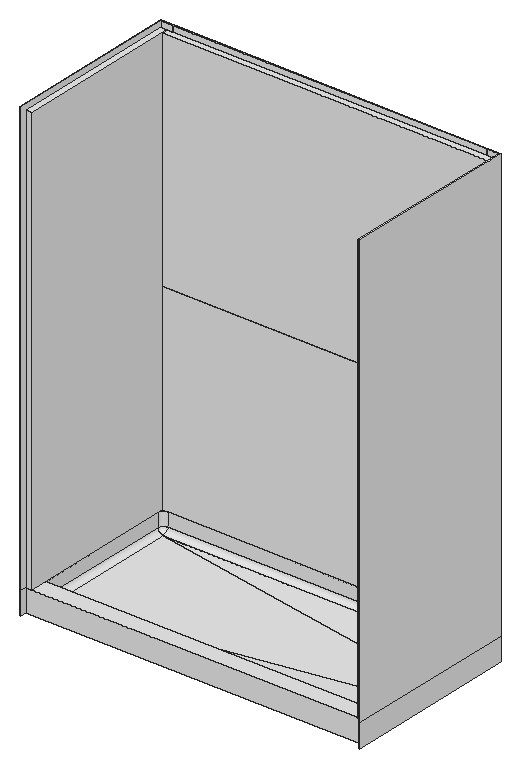
Revit family "5LBS6030FBSQ.V2 L-R", category Plumbing Fixtures, Revit 2019
Family settings
  Round Connector Dimension = Use Diameter
  Part Type = Normal
  OmniClass Number = 23.45.05.14.17
  OmniClass Title = Showers
  Work Plane-Based = No
  Always vertical = Yes
  Cut with Voids When Loaded = No
  Shared = No
  Room Calculation Point = No
Parameters (values of type "5LBS6030FBSQ.V2 L/R")
  Unit Width = 60"
  Unit Height = 80 1/2"
  Unit Depth = 31"
  URL = "http://www.bestbath.com/"
  Type Comments = "Remodeler"
  Model = "5LBS6030FBSQ.V2 L/R"
  Material [instance] = Best Bath Gelcoat Fiberglass - 4 x 8 Subway Tile
  Manufacturer = "Best Bath Systems, Inc."
  Keynote = "22 40 00.B3"
  Description = "4 x 8 Subway Tile Finish"
  Assembly Code = "D2010710"
Reference planes (in)
  plane 1 "Back": y = -0.5
  plane 2: z = 0
  plane 3 "Left": x = 0
  plane 4: x = 60
  plane 5: y = -30.5
  plane 6: z = 79.5
  plane 7: z = 0.75
  plane 8: z = 80.5
  plane 9: x = 51.5
  plane 10: y = -1.75
  plane 11: y = -14.5
  plane 12: z = 0.375
  plane 13: z = 4
  plane 14: z = 39.5
  plane 15: y = -31.5
Forms (in)
  Extrusion 1, solid, material "Best Bath Gelcoat Fiberglass - Smooth"
    sketch origin (0, 0, 0) x (1, 0, 0) y (0, 1, 0)
      loop
        line (0, -0.5) -> (0, -30.5) -> (60, -30.5) -> (60, -0.5) -> (0, -0.5)
      loop
        line (49, -10.5) -> (49, -18.5) -> (54, -18.5) -> (54, -10.5) -> (49, -10.5)
    from 0 to 0.75
  Extrusion 2, solid, material "Best Bath Gelcoat Fiberglass - Smooth"
    sketch origin (0, 0, 0) x (1, 0, 0) y (0, 1, 0)
      loop
        line (1.25, -0.5) -> (1.25, -1.75) -> (58.75, -1.75) -> (58.75, -0.5) -> (1.25, -0.5)
    from 4 to 39.5
  Extrusion 3, solid, material "Best Bath Gelcoat Fiberglass - Smooth"
    sketch origin (0, 0, 0) x (1, 0, 0) y (0, 1, 0)
      loop
        line (0, -30.5) -> (1.25, -30.5) -> (1.25, -2.75)
        arc (1.25, -2.75) -> (1.54289, -2.04289) -> (2.25, -1.75) r 1
        line (2.25, -1.75) -> (57.75, -1.75)
        arc (57.75, -1.75) -> (58.45711, -2.04289) -> (58.75, -2.75) r 1
        line (58.75, -2.75) -> (58.75, -30.5) -> (60, -30.5) -> (60, -0.5) -> (0, -0.5) -> (0, -30.5)
    from 0 to 4
  Extrusion 4, solid, material "Best Bath Gelcoat Fiberglass - Smooth"
    sketch origin (0, 0, 0) x (1, 0, 0) y (0, 1, 0)
      loop
        line (0, -30.5) -> (1.25, -30.5) -> (1.25, -0.5) -> (0, -0.5) -> (0, -30.5)
      loop
        line (58.75, -30.5) -> (60, -30.5) -> (60, -0.5) -> (58.75, -0.5) -> (58.75, -30.5)
    from 4 to 79.5
  Sweep 5, solid, material "Best Bath Gelcoat Fiberglass - Smooth"
    path origin (0, 0, 0) x (1, 0, 0) y (0, 1, 0)
      loop
        line (1.25, -30.5) -> (1.25, -2.75)
        arc (1.25, -2.75) -> (1.54289, -2.04289) -> (2.25, -1.75) r 1
        line (2.25, -1.75) -> (57.75, -1.75)
        arc (57.75, -1.75) -> (58.45711, -2.04289) -> (58.75, -2.75) r 1
        line (58.75, -2.75) -> (58.75, -30.5)
    profile origin (1.25, -16.625, 0) x (-1, 0, 0) y (0, 0, 1)
      loop
        line (0, 0.75) -> (0, 1.7)
        arc (0, 1.7) -> (-0.27825, 1.02825) -> (-0.95, 0.75) r 0.95
        line (-0.95, 0.75) -> (0, 0.75)
  Blend 6, void
    base sketch origin (0, 0, 0) x (1, 0, 0) y (0, 1, 0)
      loop
        line (2.25, -27.5) -> (57.75, -27.5) -> (57.75, -2.75) -> (2.25, -2.75) -> (2.25, -27.5)
    top sketch origin (0, 0, 0) x (1, 0, 0) y (0, 1, 0)
      loop
        line (49, -10.5) -> (49, -18.5) -> (54, -18.5) -> (54, -10.5) -> (49, -10.5)
    from 0.75 to 0.375
  Extrusion 7, solid, material "Best Bath Gelcoat Fiberglass - Smooth"
    sketch origin (0, 0, 0) x (1, 0, 0) y (0, 1, 0)
      loop
        line (1.25, -0.5) -> (1.25, -1.75) -> (58.75, -1.75) -> (58.75, -0.5) -> (1.25, -0.5)
    from 39.5 to 79.5
  Sweep 8, solid, material "Best Bath Gelcoat Fiberglass - Smooth"
    path origin (0, 0, 0) x (1, 0, 0) y (0, 1, 0)
      loop
        line (1.25, -30.5) -> (58.75, -30.5)
    profile origin (30, -30.5, 0) x (0, 1, 0) y (0, 0, 1)
      loop
        line (0, 0) -> (3.8, 0) -> (3, 4) -> (0, 4) -> (0, 0)
  Extrusion 9, solid, material "Best Bath Gelcoat Fiberglass - Smooth"
    sketch origin (0, 0, 0) x (1, 0, 0) y (0, 1, 0)
      loop
        line (0, -30.5) -> (0, -31.5) -> (0.125, -31.5) -> (0.125, -30.5) -> (0, -30.5)
      loop
        line (60, -30.5) -> (59.875, -30.5) -> (59.875, -31.5) -> (60, -31.5) -> (60, -30.5)
    from 0 to 4
  Extrusion 10, solid, material "Best Bath Gelcoat Fiberglass - Smooth"
    sketch origin (0, 0, 0) x (1, 0, 0) y (0, 1, 0)
      loop
        line (2.25, -0.5) -> (2.25, -0.625) -> (57.75, -0.625) -> (57.75, -0.5) -> (2.25, -0.5)
    from 79.5 to 80.5
  Extrusion 11, solid, material "Best Bath Gelcoat Fiberglass - Smooth"
    sketch origin (0, 0, 0) x (1, 0, 0) y (0, 1, 0)
      loop
        line (0, -31.5) -> (0.125, -31.5) -> (0.125, -0.625) -> (2.25, -0.625) -> (2.25, -0.5) -> (0, -0.5) -> (0, -31.5)
      loop
        line (60, -31.5) -> (60, -0.5) -> (57.75, -0.5) -> (57.75, -0.625) -> (59.875, -0.625) -> (59.875, -31.5) -> (60, -31.5)
    from 4 to 80.5
  Extrusion 12, solid, material "Best Bath Gelcoat Fiberglass - Smooth"
    sketch origin (0, 0, 0) x (1, 0, 0) y (0, 1, 0)
      loop
        line (49, -10.5) -> (49, -18.5) -> (54, -18.5) -> (54, -10.5) -> (49, -10.5)
    from 0 to 0.25
  Extrusion 13, void
    sketch origin (0, 0, 0) x (1, 0, 0) y (0, 1, 0)
      loop
        circle (51.5, -14.5) r 1.5
    from 0 to 0.5
Cuts and joins
  Blend 6, Extrusion 13 cuts Extrusion 1
  Blend 6, Extrusion 13 cuts Extrusion 3
  Blend 6, Extrusion 13 cuts Sweep 5
  Extrusion 13 cuts Sweep 8
  Extrusion 13 cuts Extrusion 9
  Extrusion 13 cuts Extrusion 12
  joined: Extrusion 1, Extrusion 3, Sweep 5, Sweep 8, Extrusion 9, Extrusion 12
  joined: Extrusion 7, Extrusion 10
  joined: Extrusion 4, Extrusion 11
Dimensions and locks (in)
  "Unit Width": plane 3 "Left" to plane 4
  locked: plane 7 to level at 0.75
  locked: plane 8 to plane 6 at 1
  "Unit Height": plane 8 to level
  locked: plane 1 "Back" to plane 11 at 14
  plane 10 to plane 1 "Back" = 1 1/4"
  locked: plane 7 to plane 12 at 0.375
  locked: plane 14 to plane 13 at 35.5
  locked: plane 13 to level at 4
  locked: plane 5 to plane 15 at 1
  "Unit Depth": plane 15 to plane 1 "Back"
  locked: Extrusion 1 sketch curve to Extrusion 1 sketch curve at 5
  locked: Extrusion 1 sketch curve to Extrusion 1 sketch curve at 8
  locked: plane 9 to plane 4 at 8.5
  aligned and locked: level to plane 2
  aligned and locked: Extrusion 1 to plane 7
  aligned and locked: plane 5 to Extrusion 1 sketch curve
  aligned and locked: plane 4 to Extrusion 1 sketch curve
  aligned and locked: Extrusion 2 sketch curve to Extrusion 1
  aligned and locked: Extrusion 2 sketch curve to plane 10
  aligned and locked: plane 13 to Extrusion 3
  aligned and locked: Extrusion 2 to plane 13
  aligned and locked: Extrusion 4 to Extrusion 2
  aligned and locked: plane 6 to Extrusion 4
  aligned and locked: Sweep 5 sketch curve to plane 7
  aligned and locked: Blend 6 to plane 12
  aligned and locked: Extrusion 1 to Blend 6
  aligned and locked: plane 14 to Extrusion 2
  aligned and locked: Extrusion 7 to Extrusion 2  (x2)
  aligned and locked: plane 6 to Extrusion 7
  aligned and locked: Extrusion 9 to Extrusion 2
  aligned and locked: plane 8 to Extrusion 10
  aligned and locked: Extrusion 10 to plane 6
  aligned and locked: Extrusion 11 to Extrusion 2
  aligned and locked: plane 8 to Extrusion 11
  aligned and locked: Extrusion 12 sketch curve to cut or joined group of Extrusion 1, Extrusion 3, Sweep 5, Blend 6, Sweep 8, Extrusion 9, Extrusion 12, Extrusion 13  (x4)
  aligned and locked: Extrusion 2 to cut or joined group of Extrusion 4, Extrusion 11
  aligned and locked: Extrusion 2 to Extrusion 7
Automatic sketch dimensions
  plane 3 "Left" to Extrusion 2 sketch curve = 1 1/4"
  plane 4 to Extrusion 2 sketch curve = 1 1/4"
  Extrusion 3 sketch curve to plane 3 "Left" = 0"
  Extrusion 3 sketch curve to plane 5 = 0"  (x2)
  Extrusion 3 sketch curve to plane 10 = 0"
  plane 1 "Back" to Extrusion 3 sketch curve = 0"
  Extrusion 3 sketch curve to plane 4 = 0"
  plane 3 "Left" to Extrusion 3 sketch curve = 1 1/4"
  Extrusion 3 sketch curve to plane 10 = 1"
  plane 4 to Extrusion 3 sketch curve = 2 1/4"
  plane 4 to Extrusion 3 sketch curve = 1 1/4"
  Extrusion 4 sketch curve to plane 3 "Left" = 0"
  Extrusion 4 sketch curve to plane 5 = 0"  (x2)
  plane 1 "Back" to Extrusion 4 sketch curve = 0"  (x2)
  Extrusion 4 sketch curve to plane 4 = 0"
  plane 3 "Left" to Extrusion 4 sketch curve = 1 1/4"
  Sweep 5 sketch curve to profile plane = 0"
  Sweep 5 sketch curve to Sweep 5 sketch curve = 0.95"
  plane 3 "Left" to Blend 6 sketch curve = 2 1/4"
  plane 4 to Blend 6 sketch curve = 2 1/4"
  plane 5 to Blend 6 sketch curve = 3"
  Blend 6 sketch curve to plane 10 = 1"
  plane 1 "Back" to Extrusion 7 sketch curve = 0"
  Extrusion 7 sketch curve to plane 10 = 0"
  plane 3 "Left" to Extrusion 7 sketch curve = 1 1/4"
  plane 4 to Extrusion 7 sketch curve = 1 1/4"
  Sweep 8 sketch curve to plane 5 = 0"
  plane 3 "Left" to Sweep 8 sketch curve = 1 1/4"
  plane 4 to Sweep 8 sketch curve = 1 1/4"
  Extrusion 9 sketch curve to plane 3 "Left" = 0"
  Extrusion 9 sketch curve to plane 15 = 0"  (x2)
  Extrusion 9 sketch curve to plane 5 = 0"  (x2)
  Extrusion 9 sketch curve to plane 4 = 0"
  plane 3 "Left" to Extrusion 9 sketch curve = 1/8"
  Extrusion 9 sketch curve to Extrusion 9 sketch curve = 1/8"
  plane 1 "Back" to Extrusion 10 sketch curve = 0"
  plane 1 "Back" to Extrusion 10 sketch curve = 1/8"
  plane 3 "Left" to Extrusion 10 sketch curve = 2 1/4"
  plane 4 to Extrusion 10 sketch curve = 2 1/4"
  Extrusion 11 sketch curve to plane 3 "Left" = 0"
  Extrusion 11 sketch curve to plane 15 = 0"  (x2)
  plane 1 "Back" to Extrusion 11 sketch curve = 0"  (x2)
  Extrusion 11 sketch curve to plane 4 = 0"
  plane 3 "Left" to Extrusion 11 sketch curve = 1/8"
  plane 1 "Back" to Extrusion 11 sketch curve = 1/8"  (x2)
  Extrusion 11 sketch curve to Extrusion 11 sketch curve = 2 1/8"
  Extrusion 11 sketch curve to Extrusion 11 sketch curve = 2 1/4"
  Extrusion 11 sketch curve to Extrusion 11 sketch curve = 1/8"
  Sweep 5 sketch curve to plane 5 = 0"  (x2)
  Sweep 5 sketch curve to plane 10 = 0"
  plane 3 "Left" to Sweep 5 sketch curve = 1 1/4"
  Sweep 5 sketch curve to Sweep 5 sketch curve = 1"
  Sweep 5 sketch curve to plane 10 = 1"
  plane 4 to Sweep 5 sketch curve = 2 1/4"
  Extrusion 1 sketch curve to plane 3 "Left" = 0"
  plane 1 "Back" to Extrusion 1 sketch curve = 0"
  plane 9 to Extrusion 1 sketch curve = 2 1/2"
  Extrusion 1 sketch curve to plane 11 = 4"
  plane 9 to Blend 6 sketch curve = 2 1/2"
  Blend 6 sketch curve to plane 9 = 2 1/2"
  Blend 6 sketch curve to plane 11 = 4"
  plane 11 to Blend 6 sketch curve = 4"
  Extrusion 13 sketch curve to plane 9 = 0"
  Extrusion 13 sketch curve to plane 11 = 0"
  Sweep 8 sketch curve to level = 0"
  Sweep 8 sketch curve to profile plane = 0"
  Sweep 8 sketch curve to profile plane = 3"
  Sweep 8 sketch curve to profile plane = 3.8"
  level to Sweep 8 sketch curve = 4"
  Extrusion 4 sketch curve to Extrusion 4 sketch curve = 1 1/4"
  radius of Extrusion 13 sketch curve = 1 1/2"
